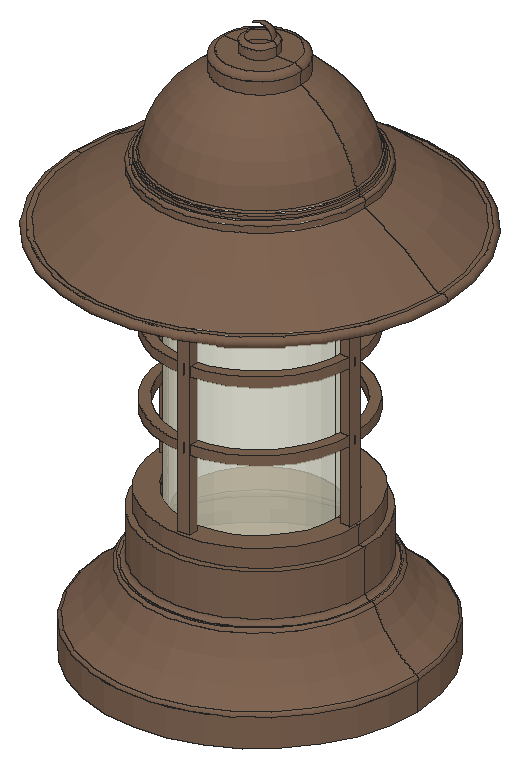
Revit family "PRH1", category Generic Models, Revit 2024
Family settings
  Can host rebar = No
  Round Connector Dimension = Use Diameter
  Part Type = Normal
  Work Plane-Based = No
  Always vertical = Yes
  Cut with Voids When Loaded = No
  Maintain Annotation Orientation = No
  Shared = No
  Room Calculation Point = No
Parameters
  Default Elevation = 0' - 0"
Reference planes (in)
  plane 1 "Center (Front/Back)": y = 0
  plane 2: z = 0
  plane 3 "Center (Left/Right)": x = 0
Forms (in)
  Revolve 1, solid, material "53"
    sketch origin (0, 0, 0) x (1, 0, 0) y (0, 0, 1)
      loop
        line (-3.375, 0) -> (-0.25, 0) -> (-0.25, 0.09375) -> (-3.28125, 0.09375) -> (-3.28125, 0.59731)
        arc (-3.28125, 0.59731) -> (-2.75485, 1.04627) -> (-2.37771, 1.6263) r 2.4096
        line (-2.37771, 1.6263) -> (-2.34776, 1.65626)
        arc (-2.34776, 1.65626) -> (-2.21221, 1.71379) -> (-2.15625, 1.85) r 0.19375
        line (-2.15625, 1.85) -> (-2.15625, 2.65625) -> (-2.03125, 2.65625) -> (-2.03125, 3.03125) -> (-1.67863, 3.03125) -> (-1.67863, 3.125) -> (-2.125, 3.125) -> (-2.125, 2.75) -> (-2.25, 2.75) -> (-2.25, 1.85)
        arc (-2.25, 1.85) -> (-2.27929, 1.77929) -> (-2.35, 1.75) r 0.1
        line (-2.35, 1.75) -> (-2.38846, 1.74589)
        arc (-2.38846, 1.74589) -> (-2.42595, 1.72524) -> (-2.45137, 1.69082) r 0.1
        arc (-2.45137, 1.69082) -> (-2.81462, 1.12037) -> (-3.32719, 0.67918) r 2.31585
        arc (-3.32719, 0.67918) -> (-3.36223, 0.64277) -> (-3.375, 0.59388) r 0.1
        line (-3.375, 0.59388) -> (-3.375, 0)
      loop
        arc (-3.90625, 8.17075) -> (-3.99269, 8.0407) -> (-3.83932, 8.01136) r 0.09375
        arc (-3.83932, 8.01136) -> (-3.05347, 8.67257) -> (-2.15625, 9.17232) r 5.37763
        line (-2.15625, 9.17232) -> (-2.15625, 9.327) -> (-2.03126, 9.327) -> (-2.03126, 9.42736)
        arc (-2.03126, 9.42736) -> (-1.9754, 9.46568) -> (-1.94773, 9.52752) r 0.125
        arc (-1.94773, 9.52752) -> (-1.5619, 10.43907) -> (-0.78125, 11.04766) r 1.96876
        line (-0.78125, 11.04766) -> (-0.78125, 11.35825)
        arc (-0.78125, 11.35825) -> (-0.7721, 11.38035) -> (-0.75, 11.3895) r 0.03125
        line (-0.75, 11.3895) -> (-0.00011, 11.3895) -> (-0.00011, 12)
        arc (-0.00011, 12) -> (-0.1887, 11.92179) -> (-0.26675, 11.73314) r 0.26675
        arc (-0.26675, 11.73314) -> (-0.32061, 11.70813) -> (-0.3595, 11.66325) r 0.1417
        line (-0.3595, 11.66325) -> (-0.3595, 11.48325) -> (-0.75, 11.48325)
        arc (-0.75, 11.48325) -> (-0.83839, 11.44664) -> (-0.875, 11.35825) r 0.125
        line (-0.875, 11.35825) -> (-0.875, 11.10825)
        arc (-0.875, 11.10825) -> (-1.65497, 10.47141) -> (-2.04048, 9.54119) r 2.06251
        arc (-2.04048, 9.54119) -> (-2.05097, 9.52209) -> (-2.0714, 9.51449) r 0.03125
        line (-2.0714, 9.51449) -> (-2.10765, 9.51123)
        arc (-2.10765, 9.51123) -> (-2.12032, 9.49971) -> (-2.12501, 9.48324) r 0.03125
        line (-2.12501, 9.48324) -> (-2.12501, 9.42075) -> (-2.1875, 9.42075)
        arc (-2.1875, 9.42075) -> (-2.23169, 9.40244) -> (-2.25, 9.35825) r 0.0625
        line (-2.25, 9.35825) -> (-2.25, 9.23325)
        arc (-2.25, 9.23325) -> (-3.07723, 8.76993) -> (-3.81204, 8.17075) r 5.47138
        line (-3.81204, 8.17075) -> (-3.90625, 8.17075)
      loop
        line (-1.83125, 4.65) -> (-1.83125, 4.85) -> (-2.03125, 4.85) -> (-2.03125, 4.65) -> (-1.83125, 4.65)
      loop
        line (-1.83125, 6.15) -> (-1.83125, 6.35) -> (-2.03126, 6.35) -> (-2.03126, 6.15) -> (-1.83125, 6.15)
      axis (0, 12) -> (0, 0)
    angle from 0 to 360
  Extrusion 2, solid, material "53"
    sketch origin (0, 0, 0) x (1, 0, 0) y (0, 0, 1)
      loop
        line (-2.03125, 3.125) -> (-1.83125, 3.125) -> (-1.83125, 5.64718) -> (-1.83125, 8.03675)
        arc (-1.83125, 8.03675) -> (0.0535, 9.8145) -> (1.83125, 7.92975) r 1.83203
        line (1.83125, 7.92975) -> (1.83125, 5.09346) -> (1.83125, 3.125) -> (2.03125, 3.125) -> (2.03125, 7.98325)
        arc (2.03125, 7.98325) -> (0, 10.0145) -> (-2.03125, 7.98325) r 2.03125
        line (-2.03125, 7.98325) -> (-2.03125, 3.125)
    from -0.125 to 0.125
  Extrusion 3, solid, material "53"
    sketch origin (0, 0, 0) x (0, 1, 0) y (0, 0, 1)
      loop
        line (-2.03125, 3.125) -> (-1.83203, 3.125) -> (-1.83203, 7.98325)
        arc (-1.83203, 7.98325) -> (0, 9.81528) -> (1.83203, 7.98325) r 1.83203
        line (1.83203, 7.98325) -> (1.83203, 3.125) -> (2.03125, 3.125) -> (2.03125, 7.98325)
        arc (2.03125, 7.98325) -> (0, 10.0145) -> (-2.03125, 7.98325) r 2.03125
        line (-2.03125, 7.98325) -> (-2.03125, 3.125)
    from -0.125 to 0.125
  Revolve 4, solid
    sketch origin (0, 0, 0) x (1, 0, 0) y (0, 0, 1)
      loop
        line (-1.61749, 7.98325) -> (-1.61749, 2.65625) -> (-1.52374, 2.65625) -> (-1.52374, 7.98325)
        arc (-1.52374, 7.98325) -> (-1.07745, 9.0607) -> (0, 9.50699) r 1.52374
        line (0, 9.50699) -> (0, 9.60074)
        arc (0, 9.60074) -> (-1.14374, 9.12699) -> (-1.61749, 7.98325) r 1.61749
      axis (0, 9.60074) -> (0, 2.65625)
    angle from 0 to 360
Dimensions and locks (in)
  aligned and locked: plane 2 to level
